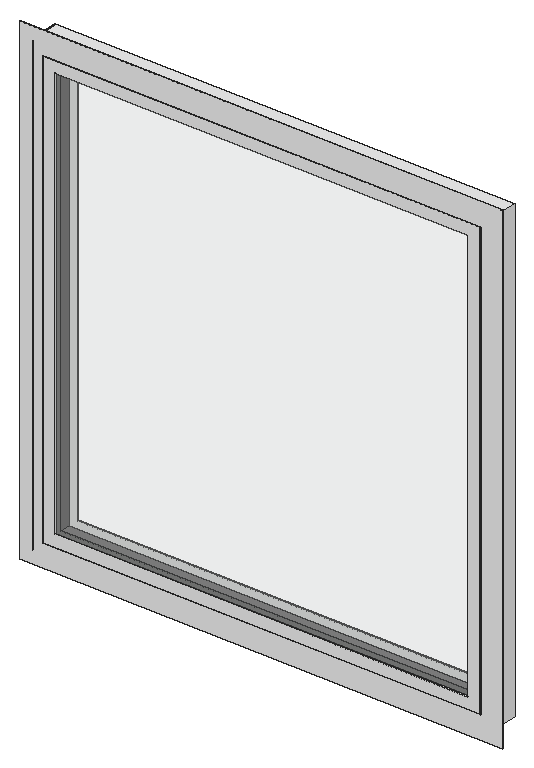
Revit family "Casement_30.5_F_Side_Hung_Standard", category Windows, host Wall, Revit 2014
Parameters (values of type "Casement_Sash_DG")
  Width Sash [instance] = 30 mm
  Width Sash Inner = 15 mm
  Width Bead = 15 mm
  Top Hung [instance] = yes
  Side Hung Right [instance] = yes
  Side Hung Left [instance] = yes
  Sash Opening Width [instance] = 600 mm
  Sash Opening Height [instance] = 600.312 mm
  Sash Lip = 15 mm
  Glazing Material [instance] = Glass
  DG Start Piece 2 [instance] = DG End Piece 1 + DG Gasket Thickness  # 25 mm
  DG Start Peice 1 [instance] = (Depth Sash - (2 * DG Glazing Thickness) - DG Gasket Thickness) / 2  # 6.6 mm
  Glazing Offset = 5 mm
  DG Glazing Thickness [instance] = 6.4 mm
  DG Gasket Thickness = 12 mm  # constant formula
  DG Gasket Material [instance] = Double Glazing Gasket Material
  DG End Piece 2 [instance] = DG Start Piece 2 + DG Glazing Thickness  # 31.4 mm
  DG End Piece 1 [instance] = DG Start Peice 1 + DG Glazing Thickness  # 13 mm
  Depth Sash [instance] = 38 mm
  Center Vertical Sash [instance] = Sash Opening Height / 2  # 300.156 mm
  Center Horizontal Sash [instance] = Sash Opening Width / 2  # 300 mm
  Bottom Hung [instance] = yes
  Bead Offset = 15 mm
  Aluminium Thickness = 1 mm
  Aluminium Material [instance] = White Powder Coated Aluminium
Reference planes
  plane 1 "Center (Front/Back)": y = 0
  plane 2: z = 0
  plane 3 "Center (Left/Right)": x = 0
Forms (mm)
  Sweep 1, solid, material "White Powder Coated Aluminium" <- "Aluminium Material"
    path origin (16.177, 0, 121.331) x (1, 0, 0) y (0, 0, 1)
      loop
        line (0, 0) -> (600, 0) -> (600, 600.312) -> (0, 600.312) -> (0, 0)
    profile origin (316.177, 0, 121.331) x (0, 0, 1) y (0, -1, 0)
      loop
        line (0, 0) -> (30, 0) -> (30, 1) -> (15, 1) -> (15, 38) -> (-15, 38) -> (-15, 37) -> (0, 37) -> (0, 0)
      loop
        line (14, 1) -> (14, 37) -> (1, 37) -> (1, 1) -> (14, 1)
  Sweep 2, solid, material "White Powder Coated Aluminium" <- "Aluminium Material"
    path origin (0, 0, 0) x (1, 0, 0) y (0, 0, 1)
      loop
        line (31.177, 706.643) -> (31.177, 136.331) -> (601.177, 136.331) -> (601.177, 706.643) -> (31.177, 706.643)
    profile origin (316.177, 0, 706.643) x (0, 0, 1) y (0, -1, 0)
      loop
        line (0, 37) -> (0, 38) -> (-15, 38) -> (-15, 37) -> (0, 37)
  Extrusion 3, solid, material "Glass" <- "Glazing Material"
    sketch origin (0, 0, 0) x (1, 0, 0) y (0, 0, 1)
      loop
        line (36.177, 701.643) -> (36.177, 141.331) -> (596.177, 141.331) -> (596.177, 701.643) -> (36.177, 701.643)
    from 6.6 <- "DG Start Peice 1" to 13 <- "DG End Piece 1"
  Extrusion 4, solid, material "Glass" <- "Glazing Material"
    sketch origin (0, 0, 0) x (1, 0, 0) y (0, 0, 1)
      loop
        line (36.177, 701.643) -> (36.177, 141.331) -> (596.177, 141.331) -> (596.177, 701.643) -> (36.177, 701.643)
    from 31.4 <- "DG End Piece 2" to 25 <- "DG Start Piece 2"
  Sweep 5, solid, material "Double Glazing Gasket Material" <- "DG Gasket Material"
    path origin (0, -13, 0) x (1, 0, 0) y (0, 0, 1)
      loop
        line (36.177, 701.643) -> (36.177, 141.331) -> (596.177, 141.331) -> (596.177, 701.643) -> (36.177, 701.643)
    profile origin (316.177, -13, 701.643) x (0, 0, 1) y (0, -1, 0)
      loop
        line (0, 0) -> (0, 12) -> (-7.96, 12) -> (-7.96, 0) -> (0, 0)
Lines and regions (mm)
  model lines
    curve 1: line (1.177, -38, 736.643) -> (31.177, -38, 706.643)
    curve 2: line (601.177, -38, 706.643) -> (631.177, -38, 736.643)
    curve 3: line (601.177, -38, 136.331) -> (631.177, -38, 106.331)
    curve 4: line (1.177, -38, 106.331) -> (31.177, -38, 136.331)
    curve 5: line (631.177, -37, 736.643) -> (616.177, -37, 721.643)
    curve 6: line (1.177, -37, 736.643) -> (16.177, -37, 721.643)
    curve 7: line (1.177, -37, 106.331) -> (16.177, -37, 121.331)
    curve 8: line (631.177, -37, 106.331) -> (616.177, -37, 121.331)
    curve 9: line (616.177, 0, 121.331) -> (586.177, 0, 151.331)
    curve 10: line (46.177, 0, 151.331) -> (16.177, 0, 121.331)
    curve 11: line (616.177, 0, 721.643) -> (586.177, 0, 691.643)
    curve 12: line (46.177, 0, 691.643) -> (16.177, 0, 721.643)
    curve 13: line (31.177, -38, 691.643) -> (46.177, -38, 691.643)
    curve 14: line (586.177, -38, 691.643) -> (601.177, -38, 691.643)
    curve 15: line (586.177, -38, 151.331) -> (601.177, -38, 151.331)
    curve 16: line (31.177, -38, 151.331) -> (46.177, -38, 151.331)
  model lines, style "GenericModelHiddenLines", visible <- "Top Hung"
    curve 17: line (46.386, -31.4, 690.914) -> (316.177, -31.4, 151.331)
    curve 18: line (316.177, -31.4, 151.331) -> (586.177, -31.4, 691.331)
  model lines, style "GenericModelHiddenLines", visible <- "Bottom Hung"
    curve 19: line (46.177, -31.4, 151.331) -> (316.177, -31.4, 691.331)
    curve 20: line (316.177, -31.4, 691.331) -> (586.177, -31.4, 151.331)
  model lines, style "GenericModelHiddenLines", visible <- "Side Hung Left"
    curve 21: line (46.386, -31.4, 690.914) -> (585.24, -31.4, 421.487)
    curve 22: line (585.24, -31.4, 421.487) -> (46.177, -31.4, 151.331)
  model lines, style "GenericModelHiddenLines", visible <- "Side Hung Right"
    curve 23: line (586.177, -31.4, 691.331) -> (46.177, -31.4, 421.487)
    curve 24: line (46.177, -31.4, 421.487) -> (586.177, -31.4, 151.331)
Dimensions and locks
  "Aluminium Thickness": Sweep 1 sketch curve to Sweep 1 sketch curve  (x4)
  "Depth Sash": Sweep 1 sketch curve to Sweep 1 sketch curve
  "Sash Opening Width": Sweep 1 to Sweep 1
  "Sash Opening Height": Sweep 1 to Sweep 1
  "Width Sash": Sweep 1 sketch curve to Sweep 1 sketch curve  (x2)
  "Width Sash Inner": Sweep 1 sketch curve to Sweep 1 sketch curve
  "Sash Lip": Sweep 1 sketch curve to Sweep 1 sketch curve
  "Aluminium Thickness": Sweep 1 to Sweep 2 sketch curve
  "Glazing Offset": Sweep 2 to Extrusion 3 sketch curve  (x3)
  "Glazing Offset": Extrusion 3 sketch curve to Sweep 2
  Sweep 1 to Sweep 1 = 1 mm
  "Aluminium Thickness": Sweep 2 sketch curve to Sweep 2 sketch curve
  "Width Bead": Sweep 2 sketch curve to Sweep 2 sketch curve
  locked: Sweep 5 sketch curve to Sweep 5 sketch curve at 7.96
  "Center Horizontal Sash": Sweep 1 to curve 18
  "Center Horizontal Sash": Sweep 1 to curve 20
  "Center Vertical Sash": Sweep 1 to curve 22
  "Center Vertical Sash": Sweep 1 to curve 24
  aligned and locked: level to plane 2
  aligned and locked: Sweep 1 sketch curve to Sweep 1 sketch curve  (x2)
  aligned and locked: Sweep 2 sketch curve to Sweep 1  (x5)
  aligned and locked: Extrusion 4 sketch curve to Extrusion 3  (x4)
  aligned and locked: Sweep 5 sketch curve to Extrusion 3  (x5)
  aligned and locked: Extrusion 3 to Sweep 5 sketch curve
Automatic sketch dimensions
  plane 3 "Center (Left/Right)" to Sweep 1 sketch curve = 16.177 mm
  level to Sweep 1 sketch curve = 121.331 mm
  plane 3 "Center (Left/Right)" to Sweep 1 sketch curve = 616.177 mm
  level to Sweep 1 sketch curve = 721.643 mm
  profile plane to Sweep 5 sketch curve = 12 mm
  curve 7 to Sweep 1 = 0 mm  (x4)
  curve 6 to Sweep 1 = 0 mm  (x3)
  Sweep 1 to curve 6 = 0 mm
  curve 5 to Sweep 1 = 0 mm  (x3)
  curve 8 to Sweep 1 = 0 mm  (x4)
  Sweep 1 to curve 5 = 0 mm
  curve 16 to Sweep 2 = 0 mm  (x3)
  curve 13 to Sweep 2 = 0 mm  (x3)
  curve 15 to Sweep 2 = 0 mm
  Sweep 2 to curve 15 = 0 mm  (x2)
  curve 14 to Sweep 2 = 0 mm  (x2)
  Sweep 2 to curve 14 = 0 mm
  curve 1 to Sweep 1 = 0 mm  (x4)
  curve 4 to Sweep 1 = 0 mm  (x3)
  Sweep 1 to curve 4 = 0 mm
  curve 3 to Sweep 1 = 0 mm  (x3)
  curve 2 to Sweep 1 = 0 mm  (x4)
  Sweep 1 to curve 3 = 0 mm
  curve 10 to Sweep 1 = 0 mm  (x4)
  curve 12 to Sweep 1 = 0 mm  (x3)
  Sweep 1 to curve 12 = 0 mm
  curve 9 to Sweep 1 = 0 mm  (x4)
  curve 11 to Sweep 1 = 0 mm  (x3)
  Sweep 1 to curve 11 = 0 mm
  Sweep 1 sketch curve to plane 1 "Center (Front/Back)" = 0 mm
  profile plane to Sweep 1 sketch curve = 0 mm
  curve 21 to Extrusion 4 = 10.208 mm
  curve 19 to Extrusion 4 = 10 mm
  curve 23 to Extrusion 4 = 10 mm  (x2)
  curve 22 to Extrusion 4 = 10.937 mm
  curve 20 to Extrusion 4 = 10 mm
  curve 24 to Extrusion 4 = 10 mm
  curve 22 to Extrusion 4 = 10 mm
  curve 18 to Extrusion 4 = 10 mm
  curve 21 to Extrusion 4 = 10.729 mm
  curve 19 to Extrusion 4 = 10.312 mm
  curve 18 to Extrusion 4 = 10.312 mm
Types in the file's own list only (11): name | Windload Design | Width Sash Right Opening | Width Sash Left Opening | Width Sash Right | Width Sash Left | Width Profile | Width Fixed Panel Right | Width Fixed Panel Left | Width Fixed Panel Center | Width | URL | Standard Mullion Different | Offset Window Exterior | Max System DG Unit Thickness | Max System DG One Piece Thickness | Max Pane Area | Intruderprufe U Value | Intruderprufe SHGC Value | Intruderprufe LowE U Value | Intruderprufe LowE SHGC Value | Height Fixed Panel Right | Height Fixed Panel Left | Height | Energy Advantage U Value | Energy Advantage SHGC Value | DG Thickness Calc | DG Thickness | Custom Window Width | Custom Window Height | Window Exterior Offset | Custom Windload | Custom Sash Right Width | Custom Sash Right Height | Custom Sash Left Width | Custom Sash Left Height | Side Hung Right | Sash Spacing Inner | Sash Overlap | Sash Center Offset | SG Gasket Thickness | Offset Sash Side | Offset Sash Top | Offset Mullion Right | Offset Fixed Panel Center Left | Offset Mullion Left | Offset Transom Right Top | Offset Transom Left Top | Offset Bead Center Reversed | Model | Manufacturer | Limit Window Width Min | Limit Window Width Max | Limit Window Height Min | Limit Window Height Max | Limit Sash Width Min | Limit Sash Width Max | Limit Sash Height Min | Limit Sash Height Max | Limit Fixed Pane Width Min | Limit Fixed Pane Width Max | Limit Fixed Pane Height Min | Limit Fixed Pane Height Max | Length Transom Right | Length Transom Left | Length Mullion | Height Sash Right Opening | Height Sash Right | Height Sash Left Opening | Height Sash Left | Height Fixed Panel Center | Double Glazing | Description | Depth Mullion | Frame Center Offset | Depth Bead | Default Sill Height | Wall Closure | DG Gasket Finish | DG Extrusion Start | Mullion Depth Windload Based | Corrected Mullion Size | Clearvue U Value | Clearvue SHGC Value | Casement Dimension | Bead SG Gap | Area Pane Right Top | Area Pane Right Bottom | Area Pane Middle | Area Pane Left Top | Area Pane Left Bottom
  305-1815SS-1000Pa | 1000 mm | 554 mm | 554 mm | 524 mm | 524 mm | 30 mm | 540 mm | 540 mm | 590 mm | 1790 mm | "http://www.crealco.co.za/crealco-products.php" | 0 mm | 15 mm | 18 mm | 3 mm | 0.82 m² | 6.51 | 0.643 | 4.94 | 0.57 | 260 mm | 260 mm | 1490 mm | 5.06 | 0.606 | 3 mm | 3 mm | 1790 mm | 1490 mm | 0 mm | 1000 mm | 554 mm | 1154 mm | 554 mm | 1154 mm | No | 8 mm | 7 mm | 12 mm | 6 mm | 23 mm | 23 mm | 570 mm | 600 mm | 570 mm | 1170 mm | 1170 mm | 15 mm | "Casement 30.5" | "Crealco" | 1400 mm | 2700 mm | 1430 mm | 1860 mm | 300 mm | 600 mm | 300 mm | 1200 mm | 200 mm | 1500 mm | 200 mm | 1800 mm | 540 mm | 540 mm | 1490 mm | 1154 mm | 1124 mm | 1154 mm | 1124 mm | 1430 mm | No | "Window 30.5mm, Type F side hung" | 54 mm | 15 mm | 17 mm | 800 mm | By host | Double Glazing Gasket Material | 5 mm | 54 mm | 0 mm | 6.66 | 0.676 | 31 mm | 13 mm | 0.52 m² | 0.13 m² | 0.82 m² | 0.52 m² | 0.13 m²
  305-1815SS-2000Pa | 2000 mm | 554 mm | 554 mm | 524 mm | 524 mm | 30 mm | 540 mm | 540 mm | 590 mm | 1790 mm | "http://www.crealco.co.za/crealco-products.php" | 0 mm | 15 mm | 18 mm | 3 mm | 0.82 m² | 6.59 | 0.645 | 5.05 | 0.572 | 260 mm | 260 mm | 1490 mm | 5.16 | 0.608 | 3 mm | 3 mm | 1790 mm | 1490 mm | 0 mm | 2000 mm | 554 mm | 1154 mm | 554 mm | 1154 mm | No | 8 mm | 7 mm | 12 mm | 6 mm | 23 mm | 23 mm | 570 mm | 600 mm | 570 mm | 1170 mm | 1170 mm | 15 mm | "Casement 30.5" | "Crealco" | 1400 mm | 2700 mm | 1430 mm | 1860 mm | 300 mm | 600 mm | 300 mm | 1200 mm | 200 mm | 1500 mm | 200 mm | 1800 mm | 540 mm | 540 mm | 1490 mm | 1154 mm | 1124 mm | 1154 mm | 1124 mm | 1430 mm | No | "Window 30.5mm, Type F side hung" | 70 mm | 15 mm | 17 mm | 800 mm | By host | Double Glazing Gasket Material | 5 mm | 70 mm | 0 mm | 6.75 | 0.678 | 31 mm | 13 mm | 0.52 m² | 0.13 m² | 0.82 m² | 0.52 m² | 0.13 m²
  305-2415SS-1000Pa | 1000 mm | 554 mm | 554 mm | 524 mm | 524 mm | 30 mm | 540 mm | 540 mm | 1190 mm | 2390 mm | "http://www.crealco.co.za/crealco-products.php" | 0 mm | 15 mm | 18 mm | 3 mm | 1.68 m² | 6.67 | 0.71 | 4.91 | 0.628 | 260 mm | 260 mm | 1490 mm | 7.9 | 0 | 4 mm | 3 mm | 2390 mm | 1490 mm | 0 mm | 1000 mm | 554 mm | 1154 mm | 554 mm | 1154 mm | No | 8 mm | 7 mm | 12 mm | 6 mm | 23 mm | 23 mm | 570 mm | 600 mm | 570 mm | 1170 mm | 1170 mm | 15 mm | "Casement 30.5" | "Crealco" | 1400 mm | 2700 mm | 1430 mm | 1860 mm | 300 mm | 600 mm | 300 mm | 1200 mm | 200 mm | 1500 mm | 200 mm | 1800 mm | 540 mm | 540 mm | 1490 mm | 1154 mm | 1124 mm | 1154 mm | 1124 mm | 1430 mm | No | "Window 30.5mm, Type F side hung" | 54 mm | 15 mm | 17 mm | 800 mm | By host | Double Glazing Gasket Material | 5 mm | 54 mm | 0 mm | 7.9 | 0 | 31 mm | 13 mm | 0.52 m² | 0.13 m² | 1.68 m² | 0.52 m² | 0.13 m²
  305-2415SS-2000Pa | 2000 mm | 554 mm | 554 mm | 524 mm | 524 mm | 30 mm | 540 mm | 540 mm | 1190 mm | 2390 mm | "http://www.crealco.co.za/crealco-products.php" | 0 mm | 15 mm | 18 mm | 3 mm | 1.68 m² | 6.74 | 0.712 | 4.99 | 0.629 | 260 mm | 260 mm | 1490 mm | 7.9 | 0 | 4 mm | 3 mm | 2390 mm | 1490 mm | 0 mm | 2000 mm | 554 mm | 1154 mm | 554 mm | 1154 mm | No | 8 mm | 7 mm | 12 mm | 6 mm | 23 mm | 23 mm | 570 mm | 600 mm | 570 mm | 1170 mm | 1170 mm | 15 mm | "Casement 30.5" | "Crealco" | 1400 mm | 2700 mm | 1430 mm | 1860 mm | 300 mm | 600 mm | 300 mm | 1200 mm | 200 mm | 1500 mm | 200 mm | 1800 mm | 540 mm | 540 mm | 1490 mm | 1154 mm | 1124 mm | 1154 mm | 1124 mm | 1430 mm | No | "Window 30.5mm, Type F side hung" | 70 mm | 15 mm | 17 mm | 800 mm | By host | Double Glazing Gasket Material | 5 mm | 70 mm | 0 mm | 7.9 | 0 | 31 mm | 13 mm | 0.52 m² | 0.13 m² | 1.68 m² | 0.52 m² | 0.13 m²
  305-1818SS-1000Pa | 1000 mm | 554 mm | 554 mm | 524 mm | 524 mm | 30 mm | 540 mm | 540 mm | 590 mm | 1790 mm | "http://www.crealco.co.za/crealco-products.php" | 1 mm | 15 mm | 18 mm | 3 mm | 1.00 m² | 6.81 | 0.92 | 5.12 | 0.613 | 560 mm | 560 mm | 1790 mm | 5.24 | 0.651 | 3 mm | 3 mm | 1790 mm | 1790 mm | 0 mm | 1000 mm | 554 mm | 1154 mm | 554 mm | 1154 mm | No | 8 mm | 7 mm | 12 mm | 6 mm | 23 mm | 23 mm | 570 mm | 600 mm | 570 mm | 1170 mm | 1170 mm | 15 mm | "Casement 30.5" | "Crealco" | 1400 mm | 2700 mm | 1430 mm | 1860 mm | 300 mm | 600 mm | 300 mm | 1200 mm | 200 mm | 1500 mm | 200 mm | 1800 mm | 540 mm | 540 mm | 1790 mm | 1154 mm | 1124 mm | 1154 mm | 1124 mm | 1730 mm | No | "Window 30.5mm, Type F side hung" | 54 mm | 15 mm | 17 mm | 800 mm | By host | Double Glazing Gasket Material | 5 mm | 54 mm | 54 mm | 6.97 | 7.27 | 31 mm | 13 mm | 0.52 m² | 0.29 m² | 1.00 m² | 0.52 m² | 0.29 m²
  305-1818SS-1500Pa | 1500 mm | 554 mm | 554 mm | 524 mm | 524 mm | 30 mm | 540 mm | 540 mm | 590 mm | 1790 mm | "http://www.crealco.co.za/crealco-products.php" | 0 mm | 15 mm | 18 mm | 3 mm | 1.00 m² | 6.9 | 0.694 | 5.23 | 0.615 | 560 mm | 560 mm | 1790 mm | 5.34 | 0.653 | 3 mm | 3 mm | 1790 mm | 1790 mm | 0 mm | 1500 mm | 554 mm | 1154 mm | 554 mm | 1154 mm | No | 8 mm | 7 mm | 12 mm | 6 mm | 23 mm | 23 mm | 570 mm | 600 mm | 570 mm | 1170 mm | 1170 mm | 15 mm | "Casement 30.5" | "Crealco" | 1400 mm | 2700 mm | 1430 mm | 1860 mm | 300 mm | 600 mm | 300 mm | 1200 mm | 200 mm | 1500 mm | 200 mm | 1800 mm | 540 mm | 540 mm | 1790 mm | 1154 mm | 1124 mm | 1154 mm | 1124 mm | 1730 mm | No | "Window 30.5mm, Type F side hung" | 70 mm | 15 mm | 17 mm | 800 mm | By host | Double Glazing Gasket Material | 5 mm | 70 mm | 0 mm | 7.66 | 0.73 | 31 mm | 13 mm | 0.52 m² | 0.29 m² | 1.00 m² | 0.52 m² | 0.29 m²
  305-2418SS-1000Pa | 1000 mm | 554 mm | 554 mm | 524 mm | 524 mm | 30 mm | 540 mm | 540 mm | 1190 mm | 2390 mm | "http://www.crealco.co.za/crealco-products.php" | 0 mm | 15 mm | 18 mm | 3 mm | 2.03 m² | 7.26 | 0.785 | 5.32 | 0.694 | 560 mm | 560 mm | 1790 mm | 7.9 | 0 | 4 mm | 3 mm | 2390 mm | 1790 mm | 0 mm | 1000 mm | 554 mm | 1154 mm | 554 mm | 1154 mm | No | 8 mm | 7 mm | 12 mm | 6 mm | 23 mm | 23 mm | 570 mm | 600 mm | 570 mm | 1170 mm | 1170 mm | 15 mm | "Casement 30.5" | "Crealco" | 1400 mm | 2700 mm | 1430 mm | 1860 mm | 300 mm | 600 mm | 300 mm | 1200 mm | 200 mm | 1500 mm | 200 mm | 1800 mm | 540 mm | 540 mm | 1790 mm | 1154 mm | 1124 mm | 1154 mm | 1124 mm | 1730 mm | No | "Window 30.5mm, Type F side hung" | 70 mm | 15 mm | 17 mm | 800 mm | By host | Double Glazing Gasket Material | 5 mm | 70 mm | 0 mm | 7.9 | 0 | 31 mm | 13 mm | 0.52 m² | 0.29 m² | 2.03 m² | 0.52 m² | 0.29 m²
  305-1815SS-1500Pa | 1500 mm | 554 mm | 554 mm | 524 mm | 524 mm | 30 mm | 540 mm | 540 mm | 590 mm | 1790 mm | "http://www.crealco.co.za/crealco-products.php" | 0 mm | 15 mm | 18 mm | 3 mm | 0.82 m² | 6.51 | 0.643 | 4.94 | 0.57 | 260 mm | 260 mm | 1490 mm | 5.06 | 0.606 | 3 mm | 3 mm | 1790 mm | 1490 mm | 0 mm | 1500 mm | 554 mm | 1154 mm | 554 mm | 1154 mm | No | 8 mm | 7 mm | 12 mm | 6 mm | 23 mm | 23 mm | 570 mm | 600 mm | 570 mm | 1170 mm | 1170 mm | 15 mm | "Casement 30.5" | "Crealco" | 1400 mm | 2700 mm | 1430 mm | 1860 mm | 300 mm | 600 mm | 300 mm | 1200 mm | 200 mm | 1500 mm | 200 mm | 1800 mm | 540 mm | 540 mm | 1490 mm | 1154 mm | 1124 mm | 1154 mm | 1124 mm | 1430 mm | No | "Window 30.5mm, Type F side hung" | 54 mm | 15 mm | 17 mm | 800 mm | By host | Double Glazing Gasket Material | 5 mm | 54 mm | 0 mm | 6.66 | 0.676 | 31 mm | 13 mm | 0.52 m² | 0.13 m² | 0.82 m² | 0.52 m² | 0.13 m²
  305-1818SS-2000Pa | 2000 mm | 554 mm | 554 mm | 524 mm | 524 mm | 30 mm | 540 mm | 540 mm | 590 mm | 1790 mm | "http://www.crealco.co.za/crealco-products.php" | 0 mm | 15 mm | 18 mm | 3 mm | 1.00 m² | 6.9 | 0.694 | 5.23 | 0.615 | 560 mm | 560 mm | 1790 mm | 5.34 | 0.653 | 3 mm | 3 mm | 1790 mm | 1790 mm | 0 mm | 2000 mm | 554 mm | 1154 mm | 554 mm | 1154 mm | No | 8 mm | 7 mm | 12 mm | 6 mm | 23 mm | 23 mm | 570 mm | 600 mm | 570 mm | 1170 mm | 1170 mm | 15 mm | "Casement 30.5" | "Crealco" | 1400 mm | 2700 mm | 1430 mm | 1860 mm | 300 mm | 600 mm | 300 mm | 1200 mm | 200 mm | 1500 mm | 200 mm | 1800 mm | 540 mm | 540 mm | 1790 mm | 1154 mm | 1124 mm | 1154 mm | 1124 mm | 1730 mm | No | "Window 30.5mm, Type F side hung" | 70 mm | 15 mm | 17 mm | 800 mm | By host | Double Glazing Gasket Material | 5 mm | 70 mm | 0 mm | 7.66 | 0.73 | 31 mm | 13 mm | 0.52 m² | 0.29 m² | 1.00 m² | 0.52 m² | 0.29 m²
  305-2415SS-1500Pa | 1500 mm | 554 mm | 554 mm | 524 mm | 524 mm | 30 mm | 540 mm | 540 mm | 1190 mm | 2390 mm | "http://www.crealco.co.za/crealco-products.php" | 0 mm | 15 mm | 18 mm | 3 mm | 1.68 m² | 6.67 | 0.71 | 4.91 | 0.628 | 260 mm | 260 mm | 1490 mm | 7.9 | 0 | 4 mm | 3 mm | 2390 mm | 1490 mm | 0 mm | 1500 mm | 554 mm | 1154 mm | 554 mm | 1154 mm | No | 8 mm | 7 mm | 12 mm | 6 mm | 23 mm | 23 mm | 570 mm | 600 mm | 570 mm | 1170 mm | 1170 mm | 15 mm | "Casement 30.5" | "Crealco" | 1400 mm | 2700 mm | 1430 mm | 1860 mm | 300 mm | 600 mm | 300 mm | 1200 mm | 200 mm | 1500 mm | 200 mm | 1800 mm | 540 mm | 540 mm | 1490 mm | 1154 mm | 1124 mm | 1154 mm | 1124 mm | 1430 mm | No | "Window 30.5mm, Type F side hung" | 54 mm | 15 mm | 17 mm | 800 mm | By host | Double Glazing Gasket Material | 5 mm | 54 mm | 0 mm | 7.9 | 0 | 31 mm | 13 mm | 0.52 m² | 0.13 m² | 1.68 m² | 0.52 m² | 0.13 m²
  305-2418SS-1500Pa | 1500 mm | 554 mm | 554 mm | 524 mm | 524 mm | 30 mm | 540 mm | 540 mm | 1190 mm | 2390 mm | "http://www.crealco.co.za/crealco-products.php" | 0 mm | 15 mm | 18 mm | 3 mm | 2.03 m² | 7.26 | 0.785 | 5.32 | 0.694 | 560 mm | 560 mm | 1790 mm | 7.9 | 0 | 4 mm | 3 mm | 2390 mm | 1790 mm | 0 mm | 1500 mm | 554 mm | 1154 mm | 554 mm | 1154 mm | No | 8 mm | 7 mm | 12 mm | 6 mm | 23 mm | 23 mm | 570 mm | 600 mm | 570 mm | 1170 mm | 1170 mm | 15 mm | "Casement 30.5" | "Crealco" | 1400 mm | 2700 mm | 1430 mm | 1860 mm | 300 mm | 600 mm | 300 mm | 1200 mm | 200 mm | 1500 mm | 200 mm | 1800 mm | 540 mm | 540 mm | 1790 mm | 1154 mm | 1124 mm | 1154 mm | 1124 mm | 1730 mm | No | "Window 30.5mm, Type F side hung" | 70 mm | 15 mm | 17 mm | 800 mm | By host | Double Glazing Gasket Material | 5 mm | 70 mm | 0 mm | 7.9 | 0 | 31 mm | 13 mm | 0.52 m² | 0.29 m² | 2.03 m² | 0.52 m² | 0.29 m²
